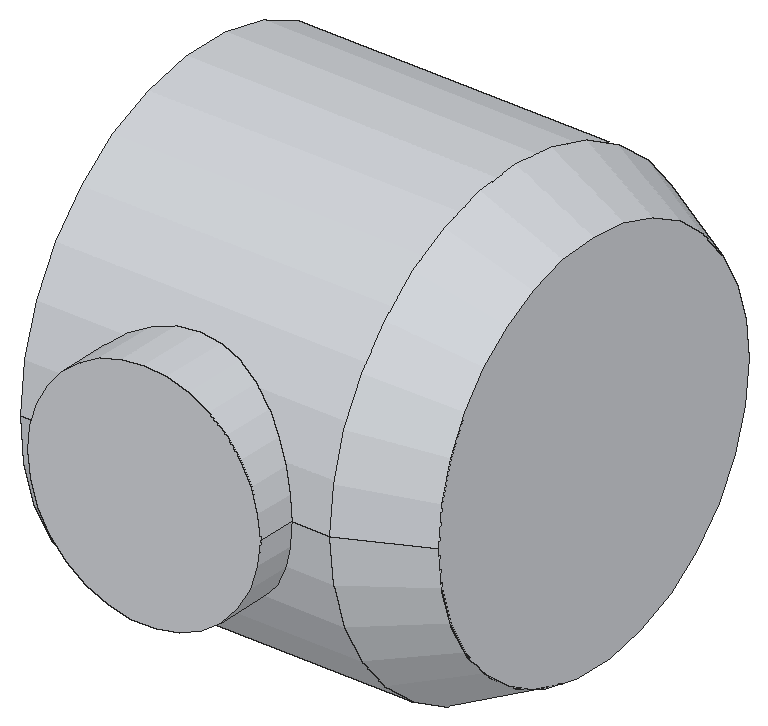
Revit family "M_T redondo com transição", category Conexões de duto, Revit 2019
Family settings
  Cota do conector redondo = Usar raio
  Tipo de parte = Tê
  Número OmniClass = 23.75.70.14
  Título OmniClass = Air Ductwork
  ID de item do Seek = Round Tee with Transition-0000-CAN-ENU
  Com base no plano de trabalho = Não
  Sempre na vertical = Sim
  Corte com vazios quando carregada = Não
  Compartilhado = Não
Parameters (values of type "Padrão")
  Comprimento do rebaixo [instance] = 25 mm
  Comprimento 8 [instance] = if(Raio do duto 1 > Raio do duto 2, Raio do duto 1 + Comprimento do rebaixo, Raio do duto 2 + Comprimento do rebaixo)  # 175 mm
  Comprimento 7 [instance] = if(Comprimento 5 - Comprimento 3 < Comprimento 3, (Comprimento 5 - Comprimento 3), Comprimento 3)  # 100 mm
  Comprimento 6 [instance] = Raio do duto 3  # 75 mm
  Comprimento 5 [instance] = (Raio do duto 3 + Comprimento do rebaixo) * 2  # 200 mm
  Comprimento 4 [instance] = if(Comprimento 6 > Comprimento 3, Comprimento 6, Comprimento 3)  # 100 mm
  Comprimento 2 [instance] = Raio do duto 1 + Comprimento do duto 3  # 175 mm
  Comprimento 1 [instance] = Diâmetro do duto 1 - Diâmetro do duto 2  # 50 mm
  Comprimento 3 [instance] = Comprimento 5 / 2  # 100 mm
  Raio do duto 3 [instance] = 75 mm
  Raio do duto 2 [instance] = 125 mm
  Raio do duto 1 [instance] = 150 mm
  Comprimento do duto 3 [instance] = 25 mm
  Comprimento do duto 2 [instance] = if(Comprimento 1 < 25 mm, 25 mm, (if(Comprimento 1 > 300 mm, 300 mm, Comprimento 1)))  # 50 mm
  Comprimento do duto 1 [instance] = if(Comprimento 6 > Comprimento 7, (Comprimento 6 + Comprimento 5 - Comprimento 7), Comprimento 5)  # 200 mm
  Diâmetro do duto 3 [instance] = Raio do duto 3 * 2  # 150 mm
  Diâmetro do duto 2 [instance] = Raio do duto 2 * 2  # 250 mm
  Diâmetro do duto 1 [instance] = Raio do duto 1 * 2  # 300 mm
  Assembly Code = ""
Reference planes
  plane 1 "Centro (Frente/Trás)": y = 0
  plane 2: z = 0
  plane 3 "Centro (Esquerda/Direita)": x = 0
  plane 4: x = -100
  plane 5: x = 100
  plane 6: x = 150
Forms (mm)
  Blend 1, solid, detail levels medium+fine
    base sketch origin (0, 0, 0) x (0, 1, 0) y (0, 0, 1)
      loop
        circle (0, 0) r 150
    top sketch origin (0, 0, 0) x (0, 1, 0) y (0, 0, 1)
      loop
        circle (0, 0) r 125
    from 100 to 150
  Sweep 2, solid, detail levels medium+fine
    path origin (0, 0, 0) x (1, 0, 0) y (0, 1, 0)
      loop
        line (-100, 0) -> (100, 0)
    profile origin (0, 0, 0) x (0, 1, 0) y (0, 0, 1)
      loop
        circle (0, 0) r 150
  Sweep 3, solid, detail levels medium+fine
    path in 3D
      loop
        line (0, 0, 0) -> (0, -175, 0)
    profile origin (0, -87.5, 0) x (1, 0, 0) y (0, 0, 1)
      loop
        circle (0, 0) r 75
Cuts and joins
  joined: Blend 1, Sweep 2, Sweep 3
Lines and regions (mm)
  model lines, style "DuctFitting", detail levels coarse
    curve 1: line (-100, 0, 0) -> (100, 0, 0)
  model lines, detail levels coarse
    curve 2: line (100, 0, 0) -> (150, 0, 0)
    curve 3: line (0, 0, 0) -> (0, -175, 0)
  sketch lines
    curve 4: line (0, 0, 0) -> (0, -175, 0)
Dimensions and locks
  "Comprimento do duto 2": plane 5 to plane 6
  "Comprimento 8": curve 3 to curve 3
  "Comprimento do duto 1": plane 4 to plane 5
  "Comprimento 4": plane 3 "Centro (Esquerda/Direita)" to plane 5
  "Raio do duto 1": radius of Blend 1 sketch curve
  "Raio do duto 2": radius of Blend 1 sketch curve
  "Raio do duto 1": radius of Sweep 2 sketch curve
  "Raio do duto 3": radius of Sweep 3 sketch curve
  aligned and locked: plane 1 "Centro (Frente/Trás)" to Blend 1 sketch curve  (x2)
  aligned and locked: plane 2 to Blend 1 sketch curve  (x2)
  aligned and locked: Blend 1 to plane 5
  aligned and locked: plane 6 to Blend 1
  aligned and locked: plane 4 to curve 1
  aligned and locked: plane 5 to curve 1
  aligned and locked: plane 6 to curve 2
  aligned and locked: Sweep 2 sketch curve to curve 1
  aligned and locked: profile plane to Sweep 2 sketch curve  (x2)
  aligned and locked: plane 3 "Centro (Esquerda/Direita)" to curve 3
  aligned and locked: plane 1 "Centro (Frente/Trás)" to curve 3
  aligned and locked: profile plane to Sweep 3 sketch curve  (x2)
Automatic sketch dimensions
  Sweep 2 sketch curve to plane 4 = 0 mm
  Sweep 2 sketch curve to plane 5 = 0 mm
Connectors
  hvac at (-100, 0, 0), driven by "Raio do duto 1"
    settings: on Sweep 2, index 1, duct flow 0.0 L/s, flow factor 0, pres drop 0.0 Pa, loss coef 0, conn angle 0.00°, conn width 304.8 mm, conn height 304.8 mm, conn diameter 300 mm, duct sys type 28, conn prof type 0, flow config 0, flow direction 0, loss method 0, conn ref index 2, conn util no, is conn primary yes, conn desc ""
  hvac at (150, 0, 0), driven by "Raio do duto 2"
    settings: on Blend 1, index 2, duct flow 0.0 L/s, flow factor 0, pres drop 0.0 Pa, loss coef 0, conn angle 0.00°, conn width 304.8 mm, conn height 304.8 mm, conn diameter 250 mm, duct sys type 28, conn prof type 0, flow config 0, flow direction 0, loss method 0, conn ref index 1, conn util no, is conn primary no, conn desc ""
  hvac at (0, -175, 0), driven by "Raio do duto 3"
    settings: on Sweep 3, index 3, duct flow 0.0 L/s, flow factor 0, pres drop 0.0 Pa, loss coef 0, conn angle 90.00°, conn width 304.8 mm, conn height 304.8 mm, conn diameter 150 mm, duct sys type 28, conn prof type 0, flow config 0, flow direction 0, loss method 0, conn ref index -1, conn util no, is conn primary no, conn desc ""
